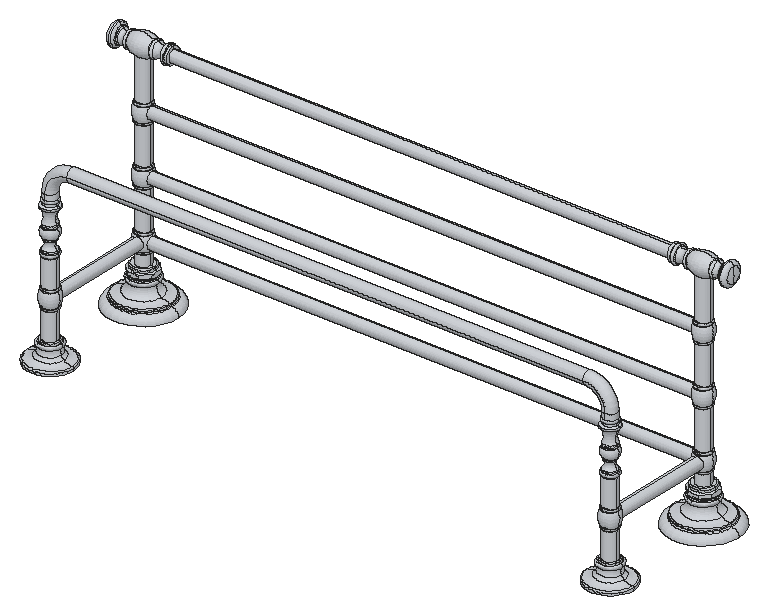
Revit family "Accessory-Towel_Bar-KOHLER-Artifacts-K-72575_1", category Specialty Equipment, host Face, Revit 2015 (continued)
Definition of nested family "K-72575"
  Lines and regions (in)
    Masking region 2
      outline origin (12, 0, 0) x (0, 1, 0) y (0, 0, 1)
        loop
          line (-4.68884, 4.25194) -> (-4.68884, 4.30094)
          arc (-4.68884, 4.30094) -> (-4.69336, 4.3204) -> (-4.706, 4.33588) r 0.04415
          arc (-4.706, 4.33588) -> (-4.80904, 4.51989) -> (-4.7477, 4.72167) r 0.26901
          arc (-4.7477, 4.72167) -> (-4.73738, 4.74133) -> (-4.73617, 4.76349) r 0.05217
          arc (-4.73617, 4.76349) -> (-4.73412, 4.7906) -> (-4.72001, 4.81383) r 0.05832
          arc (-4.72001, 4.81383) -> (-4.63579, 5.00254) -> (-4.69737, 5.1998) r 0.2924
          arc (-4.69737, 5.1998) -> (-4.70579, 5.21541) -> (-4.70856, 5.23294) r 0.05277
          line (-4.70856, 5.23294) -> (-4.70856, 5.26718)
          arc (-4.70856, 5.26718) -> (-4.71201, 5.30076) -> (-4.72222, 5.33294) r 0.16519
          arc (-4.72222, 5.33294) -> (-4.76325, 5.66691) -> (-4.61624, 5.96959) r 0.59394
          arc (-4.61624, 5.96959) -> (-4.60522, 5.99426) -> (-4.61107, 6.02064) r 0.04305
          arc (-4.61107, 6.02064) -> (-4.65403, 6.06417) -> (-4.71227, 6.08281) r 0.12805
          line (-4.71227, 6.08281) -> (-4.71227, 6.20198)
          arc (-4.71227, 6.20198) -> (-4.67663, 6.25755) -> (-4.72426, 6.30326) r 0.05198
          line (-4.72426, 6.30326) -> (-4.72426, 7.5)
          arc (-4.72426, 7.5) -> (-4.99985, 7.77559) -> (-5.27544, 7.5) r 0.27559
          line (-5.27544, 7.5) -> (-5.27544, 6.30326)
          arc (-5.27544, 6.30326) -> (-5.32307, 6.25755) -> (-5.28743, 6.20198) r 0.05198
          line (-5.28743, 6.20198) -> (-5.28743, 6.08281)
          arc (-5.28743, 6.08281) -> (-5.34567, 6.06417) -> (-5.38863, 6.02064) r 0.12805
          arc (-5.38863, 6.02064) -> (-5.39448, 5.99426) -> (-5.38346, 5.96959) r 0.04305
          arc (-5.38346, 5.96959) -> (-5.23645, 5.66691) -> (-5.27748, 5.33294) r 0.59394
          arc (-5.27748, 5.33294) -> (-5.28769, 5.30076) -> (-5.29114, 5.26718) r 0.16519
          line (-5.29114, 5.26718) -> (-5.29114, 5.23294)
          arc (-5.29114, 5.23294) -> (-5.29391, 5.21541) -> (-5.30233, 5.1998) r 0.05277
          arc (-5.30233, 5.1998) -> (-5.36391, 5.00254) -> (-5.27969, 4.81383) r 0.2924
          arc (-5.27969, 4.81383) -> (-5.26558, 4.7906) -> (-5.26353, 4.76349) r 0.05832
          arc (-5.26353, 4.76349) -> (-5.26232, 4.74133) -> (-5.252, 4.72167) r 0.05217
          arc (-5.252, 4.72167) -> (-5.19066, 4.51989) -> (-5.2937, 4.33588) r 0.26901
          arc (-5.2937, 4.33588) -> (-5.30634, 4.3204) -> (-5.31086, 4.30094) r 0.04415
          line (-5.31086, 4.30094) -> (-5.31086, 4.25194)
          arc (-5.31086, 4.25194) -> (-5.3498, 4.19985) -> (-5.3248, 4.13981) r 0.06566
          arc (-5.3248, 4.13981) -> (-5.30869, 4.12007) -> (-5.30293, 4.09525) r 0.05632
          line (-5.30293, 4.09525) -> (-5.30293, 2.92564)
          arc (-5.30293, 2.92564) -> (-5.30832, 2.90726) -> (-5.32277, 2.8947) r 0.03404
          arc (-5.32277, 2.8947) -> (-5.34423, 2.8692) -> (-5.33817, 2.83644) r 0.03902
          arc (-5.33817, 2.83644) -> (-5.33284, 2.82195) -> (-5.33573, 2.80679) r 0.02886
          arc (-5.33573, 2.80679) -> (-5.40739, 2.49983) -> (-5.33552, 2.19292) r 0.69225
          arc (-5.33552, 2.19292) -> (-5.33269, 2.17801) -> (-5.33801, 2.16379) r 0.02819
          arc (-5.33801, 2.16379) -> (-5.34451, 2.13195) -> (-5.32465, 2.10623) r 0.03902
          arc (-5.32465, 2.10623) -> (-5.30601, 2.08866) -> (-5.29914, 2.06399) r 0.04771
          line (-5.29914, 2.06399) -> (-5.29914, 0.90938) -> (-5.36318, 0.90938)
          arc (-5.36318, 0.90938) -> (-5.38465, 0.90108) -> (-5.39362, 0.87988) r 0.02951
          line (-5.39362, 0.87988) -> (-5.39362, 0.81095) -> (-5.45688, 0.81095)
          arc (-5.45688, 0.81095) -> (-5.51738, 0.75045) -> (-5.45688, 0.68995) r 0.0605
          arc (-5.45688, 0.68995) -> (-5.44065, 0.55208) -> (-5.46833, 0.41606) r 0.43848
          arc (-5.46833, 0.41606) -> (-5.51627, 0.32848) -> (-5.58671, 0.25773) r 0.35481
          arc (-5.58671, 0.25773) -> (-5.75886, 0.16792) -> (-5.95085, 0.13895) r 0.58905
          arc (-5.95085, 0.13895) -> (-5.98545, 0.1251) -> (-5.99985, 0.09072) r 0.04823
          line (-5.99985, 0.09072) -> (-5.99985, 0) -> (-4.99985, 0) -> (-3.99985, 0) -> (-3.99985, 0.09072)
          arc (-3.99985, 0.09072) -> (-4.01425, 0.1251) -> (-4.04885, 0.13895) r 0.04823
          arc (-4.04885, 0.13895) -> (-4.24084, 0.16792) -> (-4.41299, 0.25773) r 0.58905
          arc (-4.41299, 0.25773) -> (-4.48343, 0.32848) -> (-4.53137, 0.41606) r 0.35481
          arc (-4.53137, 0.41606) -> (-4.55905, 0.55208) -> (-4.54282, 0.68995) r 0.43848
          arc (-4.54282, 0.68995) -> (-4.48232, 0.75045) -> (-4.54282, 0.81095) r 0.0605
          line (-4.54282, 0.81095) -> (-4.60608, 0.81095) -> (-4.60608, 0.87988)
          arc (-4.60608, 0.87988) -> (-4.61505, 0.90108) -> (-4.63652, 0.90938) r 0.02951
          line (-4.63652, 0.90938) -> (-4.70056, 0.90938) -> (-4.70056, 2.06399)
          arc (-4.70056, 2.06399) -> (-4.69369, 2.08866) -> (-4.67505, 2.10623) r 0.04771
          arc (-4.67505, 2.10623) -> (-4.65519, 2.13195) -> (-4.66169, 2.16379) r 0.03902
          arc (-4.66169, 2.16379) -> (-4.66701, 2.17801) -> (-4.66418, 2.19292) r 0.02819
          line (-4.66418, 2.19292) -> (-4.63906, 2.25) -> (-0.36349, 2.25) -> (-0.33426, 2.19275)
          arc (-0.33426, 2.19275) -> (-0.33162, 2.1769) -> (-0.33859, 2.16242) r 0.0266
          arc (-0.33859, 2.16242) -> (-0.34685, 2.13045) -> (-0.32428, 2.10635) r 0.03427
          arc (-0.32428, 2.10635) -> (-0.3076, 2.09419) -> (-0.30123, 2.07456) r 0.03344
          line (-0.30123, 2.07456) -> (-0.30123, 1.61016) -> (-0.4611, 1.61016)
          arc (-0.4611, 1.61016) -> (-0.48854, 1.5988) -> (-0.49991, 1.57135) r 0.03881
          line (-0.49991, 1.57135) -> (-0.49991, 1.48615) -> (-0.5625, 1.45001) -> (-0.5625, 1.26992) -> (-0.52872, 1.24962)
          arc (-0.52872, 1.24962) -> (-0.516, 1.23098) -> (-0.51152, 1.20886) r 0.05691
          line (-0.51152, 1.20886) -> (-0.51152, 1.16451)
          arc (-0.51152, 1.16451) -> (-0.52006, 1.1439) -> (-0.54067, 1.13536) r 0.02915
          line (-0.54067, 1.13536) -> (-0.60398, 1.13536)
          arc (-0.60398, 1.13536) -> (-0.64871, 1.07439) -> (-0.60382, 1.01353) r 0.06381
          arc (-0.60382, 1.01353) -> (-0.59075, 1.00567) -> (-0.5828, 0.99266) r 0.03202
          arc (-0.5828, 0.99266) -> (-0.59478, 0.7331) -> (-0.77276, 0.54379) r 0.37454
          arc (-0.77276, 0.54379) -> (-0.95616, 0.47424) -> (-1.1497, 0.4423) r 0.98757
          arc (-1.1497, 0.4423) -> (-1.17044, 0.43251) -> (-1.17888, 0.41118) r 0.03118
          line (-1.17888, 0.41118) -> (-1.17888, 0.35427)
          arc (-1.17888, 0.35427) -> (-1.18869, 0.3289) -> (-1.21301, 0.31674) r 0.0377
          arc (-1.21301, 0.31674) -> (-1.41791, 0.214) -> (-1.5, 0) r 0.31703
          line (-1.5, 0) -> (0, 0) -> (1.5, 0)
          arc (1.5, 0) -> (1.41791, 0.214) -> (1.21301, 0.31674) r 0.31703
    Masking region 3
      outline origin (0, 0, 0) x (1, 0, 0) y (0, 1, 0)
        loop
          arc (-12.25, -4.03145) -> (-12.71653, -5.69762) -> (-11.03857, -5.27544) r 1.00015
          line (-11.03857, -5.27544) -> (11.03857, -5.27544)
          arc (11.03857, -5.27544) -> (12.71653, -5.69762) -> (12.25, -4.03145) r 1.00015
          line (12.25, -4.03145) -> (12.25, -1.47902)
          arc (12.25, -1.47902) -> (13.06075, 1.06057) -> (10.52102, 0.25026) r 1.5
          line (10.52102, 0.25026) -> (-10.52102, 0.25026)
          arc (-10.52102, 0.25026) -> (-13.06075, 1.06057) -> (-12.25, -1.47902) r 1.5
          line (-12.25, -1.47902) -> (-12.25, -4.03145)
        loop
          arc (-11.75, -4.03145) -> (-11.30223, -4.28332) -> (-11.03857, -4.72426) r 1.00015
          line (-11.03857, -4.72426) -> (11.03857, -4.72426)
          arc (11.03857, -4.72426) -> (11.30223, -4.28332) -> (11.75, -4.03145) r 1.00015
          line (11.75, -4.03145) -> (11.75, -1.47902)
          arc (11.75, -1.47902) -> (10.93943, -1.06075) -> (10.52102, -0.25026) r 1.5
          line (10.52102, -0.25026) -> (-10.52102, -0.25026)
          arc (-10.52102, -0.25026) -> (-10.93943, -1.06075) -> (-11.75, -1.47902) r 1.5
          line (-11.75, -1.47902) -> (-11.75, -4.03145)
    symbolic lines, detail levels medium+fine
      curve 1: line (-11.69947, -4.99985, 9.58966) -> (-12.30053, -4.99985, 9.58966)
      curve 2: line (-12.94249, -4.99985, 9.66155) -> (-12.94249, -4.99985, 10.33845)
      curve 3: line (-11.62532, -4.99985, 7.25) -> (-11.66259, -4.99985, 7.75)
      curve 4: line (-11.64031, -4.99985, 4.75) -> (-11.64064, -4.99985, 5.25)
      curve 5: line (-11.63979, -4.99985, 2.25) -> (-11.63997, -4.99985, 2.75)
      curve 6: line (-12.30123, -4.99985, 1.61016) -> (-11.69877, -4.99985, 1.61016)
      curve 7: line (-11.50009, -4.99985, 1.48615) -> (-12.49991, -4.99985, 1.48615)
      curve 8: line (-12.233, -4.99985, 1.29777) -> (-12.233, -4.99985, 1.42325)
      curve 9: spline (-12.233, -4.99985, 1.42325) -> (-12.26009, -4.99985, 1.4314) -> (-12.28738, -4.99985, 1.43809) -> (-12.31483, -4.99985, 1.4433) -> (-12.3424, -4.99985, 1.44702) -> (-12.37005, -4.99985, 1.44926) -> (-12.39775, -4.99985, 1.45001) -> (-12.42544, -4.99985, 1.44926) -> (-12.45309, -4.99985, 1.44702) -> (-12.48067, -4.99985, 1.4433) -> (-12.50812, -4.99985, 1.43809) -> (-12.53541, -4.99985, 1.4314) -> (-12.5625, -4.99985, 1.42325)
      curve 10: spline (-12.5625, -4.99985, 1.29777) -> (-12.53544, -4.99985, 1.28928) -> (-12.50816, -4.99985, 1.28233) -> (-12.48071, -4.99985, 1.2769) -> (-12.45313, -4.99985, 1.27303) -> (-12.42546, -4.99985, 1.27069) -> (-12.39775, -4.99985, 1.26992) -> (-12.37004, -4.99985, 1.27069) -> (-12.34237, -4.99985, 1.27303) -> (-12.31479, -4.99985, 1.2769) -> (-12.28733, -4.99985, 1.28233) -> (-12.26006, -4.99985, 1.28928) -> (-12.233, -4.99985, 1.29777)
      curve 11: line (-11.767, -4.99985, 1.42325) -> (-11.767, -4.99985, 1.29777)
      curve 12: spline (-11.767, -4.99985, 1.29777) -> (-11.73994, -4.99985, 1.28928) -> (-11.71267, -4.99985, 1.28233) -> (-11.68521, -4.99985, 1.2769) -> (-11.65763, -4.99985, 1.27303) -> (-11.62996, -4.99985, 1.27069) -> (-11.60225, -4.99985, 1.26992) -> (-11.57454, -4.99985, 1.27069) -> (-11.54687, -4.99985, 1.27303) -> (-11.51929, -4.99985, 1.2769) -> (-11.49184, -4.99985, 1.28233) -> (-11.46456, -4.99985, 1.28928) -> (-11.4375, -4.99985, 1.29777)
      curve 13: spline (-11.4375, -4.99985, 1.42325) -> (-11.46459, -4.99985, 1.4314) -> (-11.49188, -4.99985, 1.43809) -> (-11.51933, -4.99985, 1.4433) -> (-11.54691, -4.99985, 1.44702) -> (-11.57456, -4.99985, 1.44926) -> (-11.60225, -4.99985, 1.45001) -> (-11.62995, -4.99985, 1.44926) -> (-11.6576, -4.99985, 1.44702) -> (-11.68517, -4.99985, 1.4433) -> (-11.71262, -4.99985, 1.43809) -> (-11.73991, -4.99985, 1.4314) -> (-11.767, -4.99985, 1.42325)
      curve 14: arc (-12.233, -4.99985, 1.42325) -> (-12, -4.99985, 1.45001) -> (-11.767, -4.99985, 1.42325) r 1.0278
      curve 15: arc (-11.767, -4.99985, 1.29777) -> (-12, -4.99985, 1.26992) -> (-12.233, -4.99985, 1.29777) r 0.98865
      curve 16: line (-11.44892, -4.99985, 1.26306) -> (-12.55108, -4.99985, 1.26306)
      curve 17: line (-12.54067, -4.99985, 1.13536) -> (-11.45933, -4.99985, 1.13536)
      curve 18: line (-11.70083, -4.99985, 6.61221) -> (-11.70083, -4.99985, 7.02768)
      curve 19: arc (-11.70083, -4.99985, 7.02768) -> (-11.69414, -4.99985, 7.04826) -> (-11.67662, -4.99985, 7.06097) r 0.035
      curve 20: arc (-11.67662, -4.99985, 7.06097) -> (-11.65455, -4.99985, 7.08458) -> (-11.66287, -4.99985, 7.1158) r 0.03334
      curve 21: arc (-11.66287, -4.99985, 7.1158) -> (-11.67041, -4.99985, 7.1325) -> (-11.66571, -4.99985, 7.15021) r 0.02733
      curve 22: arc (-11.66571, -4.99985, 7.15021) -> (-11.64009, -4.99985, 7.19791) -> (-11.62532, -4.99985, 7.25) r 0.25037
      curve 23: line (-11.62532, -4.99985, 7.25) -> (11.62532, -4.99985, 7.25)
      curve 24: line (-11.3036, -4.99985, 7.75) -> (11.3036, -4.99985, 7.75)
      curve 25: line (-10.78699, 0, 0.31674) -> (-13.21301, 0, 0.31674)
      curve 26: line (-13.1497, 0, 0.4423) -> (-10.8503, 0, 0.4423)
      curve 27: line (-11.67572, 0, 2.10635) -> (-12.32428, 0, 2.10635)
      curve 28: line (-11.66574, 0, 2.19275) -> (-12.33426, 0, 2.19275)
      curve 29: line (-11.66403, 0, 2.80345) -> (-12.33597, 0, 2.80345)
      curve 30: line (-11.67646, 0, 2.89363) -> (-12.32354, 0, 2.89363)
      curve 31: line (-11.6988, 0, 4.32806) -> (-11.69674, 0, 4.09483)
      curve 32: line (-12.3012, 0, 4.32806) -> (-12.30326, 0, 4.09483)
      curve 33: line (-11.67593, 0, 4.60632) -> (-12.32407, 0, 4.60632)
      curve 34: line (-11.66624, 0, 4.69276) -> (-12.33376, 0, 4.69276)
      curve 35: line (-11.66465, 0, 5.3033) -> (-12.33535, 0, 5.3033)
      curve 36: line (-12.32163, 0, 5.39211) -> (-11.67837, 0, 5.39211)
      curve 37: line (-11.70083, 0, 5.8498) -> (-11.70083, 0, 6.0822)
      curve 38: line (-12.29917, 0, 6.0822) -> (-12.29917, 0, 5.8498)
      curve 39: line (-11.39618, 0, 1.01353) -> (-12.60382, 0, 1.01353)
      curve 40: line (-11.67968, 0, 7.8477) -> (-12.32032, 0, 7.8477)
      curve 41: line (-11.66303, 0, 7.78629) -> (-12.33697, 0, 7.78629)
      curve 42: line (-11.67662, 0, 7.06097) -> (-12.32492, 0, 7.06097)
      curve 43: line (-11.66287, 0, 7.1158) -> (-12.33674, 0, 7.1158)
      curve 44: line (-11.70083, 0, 6.20744) -> (-11.70083, 0, 6.29576)
      curve 45: line (-12.29917, 0, 6.20744) -> (-12.29917, 0, 6.29576)
      curve 46: line (-12.96716, 0, 10.35774) -> (-12.96716, 0, 9.64226)
      curve 47: line (-12.88083, 0, 10.32267) -> (-12.88083, 0, 9.67733)
      curve 48: line (-12.62193, 0, 10.31743) -> (-12.62193, 0, 9.68257)
      curve 49: line (-12.50769, 0, 10.33352) -> (-12.50769, 0, 9.66648)
      curve 50: line (-11.48655, 0, 10.33856) -> (-11.48655, 0, 9.66144)
      curve 51: line (-11.5333, 0, 10.33518) -> (-11.5333, 0, 9.66482)
      curve 52: line (-12.47603, 0, 10.32974) -> (-12.47603, 0, 9.67026)
      curve 53: line (-10.99526, 0, 10.34401) -> (-10.99526, 0, 9.65599)
      curve 54: line (-10.88577, 0, 10.36641) -> (-10.88577, 0, 9.63359)
      curve 55: line (-10.85359, 0, 10.35061) -> (-10.85359, 0, 9.64939)
      curve 56: line (-11.38819, 0, 10.33112) -> (-11.38819, 0, 9.66888)
      curve 57: line (-10.73031, 0, 10.25026) -> (-10.73031, 0, 9.74974)
      curve 58: line (11.69947, -4.99985, 9.58966) -> (12.30053, -4.99985, 9.58966)
      curve 59: line (12.94249, -4.99985, 9.66155) -> (12.94249, -4.99985, 10.33845)
      curve 60: line (11.62532, -4.99985, 7.25) -> (11.66259, -4.99985, 7.75)
      curve 61: line (11.64031, -4.99985, 4.75) -> (11.64064, -4.99985, 5.25)
      curve 62: line (11.63979, -4.99985, 2.25) -> (11.63997, -4.99985, 2.75)
      curve 63: line (12.30123, -4.99985, 1.61016) -> (11.69877, -4.99985, 1.61016)
      curve 64: line (11.50009, -4.99985, 1.48615) -> (12.49991, -4.99985, 1.48615)
      curve 65: line (12.233, -4.99985, 1.29777) -> (12.233, -4.99985, 1.42325)
      curve 66: spline (12.233, -4.99985, 1.42325) -> (12.26009, -4.99985, 1.4314) -> (12.28738, -4.99985, 1.43809) -> (12.31483, -4.99985, 1.4433) -> (12.3424, -4.99985, 1.44702) -> (12.37005, -4.99985, 1.44926) -> (12.39775, -4.99985, 1.45001) -> (12.42544, -4.99985, 1.44926) -> (12.45309, -4.99985, 1.44702) -> (12.48067, -4.99985, 1.4433) -> (12.50812, -4.99985, 1.43809) -> (12.53541, -4.99985, 1.4314) -> (12.5625, -4.99985, 1.42325)
      curve 67: spline (12.5625, -4.99985, 1.29777) -> (12.53544, -4.99985, 1.28928) -> (12.50816, -4.99985, 1.28233) -> (12.48071, -4.99985, 1.2769) -> (12.45313, -4.99985, 1.27303) -> (12.42546, -4.99985, 1.27069) -> (12.39775, -4.99985, 1.26992) -> (12.37004, -4.99985, 1.27069) -> (12.34237, -4.99985, 1.27303) -> (12.31479, -4.99985, 1.2769) -> (12.28733, -4.99985, 1.28233) -> (12.26006, -4.99985, 1.28928) -> (12.233, -4.99985, 1.29777)
      curve 68: line (11.767, -4.99985, 1.42325) -> (11.767, -4.99985, 1.29777)
      curve 69: spline (11.767, -4.99985, 1.29777) -> (11.73994, -4.99985, 1.28928) -> (11.71267, -4.99985, 1.28233) -> (11.68521, -4.99985, 1.2769) -> (11.65763, -4.99985, 1.27303) -> (11.62996, -4.99985, 1.27069) -> (11.60225, -4.99985, 1.26992) -> (11.57454, -4.99985, 1.27069) -> (11.54687, -4.99985, 1.27303) -> (11.51929, -4.99985, 1.2769) -> (11.49184, -4.99985, 1.28233) -> (11.46456, -4.99985, 1.28928) -> (11.4375, -4.99985, 1.29777)
      curve 70: spline (11.4375, -4.99985, 1.42325) -> (11.46459, -4.99985, 1.4314) -> (11.49188, -4.99985, 1.43809) -> (11.51933, -4.99985, 1.4433) -> (11.54691, -4.99985, 1.44702) -> (11.57456, -4.99985, 1.44926) -> (11.60225, -4.99985, 1.45001) -> (11.62995, -4.99985, 1.44926) -> (11.6576, -4.99985, 1.44702) -> (11.68517, -4.99985, 1.4433) -> (11.71262, -4.99985, 1.43809) -> (11.73991, -4.99985, 1.4314) -> (11.767, -4.99985, 1.42325)
      curve 71: arc (12.233, -4.99985, 1.42325) -> (12, -4.99985, 1.45001) -> (11.767, -4.99985, 1.42325) r 1.0278
      curve 72: arc (11.767, -4.99985, 1.29777) -> (12, -4.99985, 1.26992) -> (12.233, -4.99985, 1.29777) r 0.98865
      curve 73: line (11.44892, -4.99985, 1.26306) -> (12.55108, -4.99985, 1.26306)
      curve 74: line (12.54067, -4.99985, 1.13536) -> (11.45933, -4.99985, 1.13536)
      curve 75: line (11.70083, -4.99985, 6.61221) -> (11.70083, -4.99985, 7.02768)
      curve 76: arc (11.70083, -4.99985, 7.02768) -> (11.69414, -4.99985, 7.04826) -> (11.67662, -4.99985, 7.06097) r 0.035
      curve 77: arc (11.67662, -4.99985, 7.06097) -> (11.65455, -4.99985, 7.08458) -> (11.66287, -4.99985, 7.1158) r 0.03334
      curve 78: arc (11.66287, -4.99985, 7.1158) -> (11.67041, -4.99985, 7.1325) -> (11.66571, -4.99985, 7.15021) r 0.02733
      curve 79: arc (11.66571, -4.99985, 7.15021) -> (11.64009, -4.99985, 7.19791) -> (11.62532, -4.99985, 7.25) r 0.25037
      curve 80: line (10.78699, 0, 0.31674) -> (13.21301, 0, 0.31674)
      curve 81: line (13.1497, 0, 0.4423) -> (10.8503, 0, 0.4423)
      curve 82: line (11.67572, 0, 2.10635) -> (12.32428, 0, 2.10635)
      curve 83: line (11.66574, 0, 2.19275) -> (12.33426, 0, 2.19275)
      curve 84: line (11.66403, 0, 2.80345) -> (12.33597, 0, 2.80345)
      curve 85: line (11.67646, 0, 2.89363) -> (12.32354, 0, 2.89363)
      curve 86: line (11.6988, 0, 4.32806) -> (11.69674, 0, 4.09483)
      curve 87: line (12.3012, 0, 4.32806) -> (12.30326, 0, 4.09483)
      curve 88: line (11.67593, 0, 4.60632) -> (12.32407, 0, 4.60632)
      curve 89: line (11.66624, 0, 4.69276) -> (12.33376, 0, 4.69276)
      curve 90: line (11.66465, 0, 5.3033) -> (12.33535, 0, 5.3033)
      curve 91: line (12.32163, 0, 5.39211) -> (11.67837, 0, 5.39211)
      curve 92: line (11.70083, 0, 5.8498) -> (11.70083, 0, 6.0822)
      curve 93: line (12.29917, 0, 6.0822) -> (12.29917, 0, 5.8498)
      curve 94: line (11.39618, 0, 1.01353) -> (12.60382, 0, 1.01353)
      curve 95: line (11.67968, 0, 7.8477) -> (12.32032, 0, 7.8477)
      curve 96: line (11.66303, 0, 7.78629) -> (12.33697, 0, 7.78629)
      curve 97: line (11.67662, 0, 7.06097) -> (12.32492, 0, 7.06097)
      curve 98: line (11.66287, 0, 7.1158) -> (12.33674, 0, 7.1158)
      curve 99: line (11.70083, 0, 6.20744) -> (11.70083, 0, 6.29576)
      curve 100: line (12.29917, 0, 6.20744) -> (12.29917, 0, 6.29576)
      curve 101: line (12.96716, 0, 10.35774) -> (12.96716, 0, 9.64226)
      curve 102: line (12.88083, 0, 10.32267) -> (12.88083, 0, 9.67733)
      curve 103: line (12.62193, 0, 10.31743) -> (12.62193, 0, 9.68257)
      curve 104: line (12.50769, 0, 10.33352) -> (12.50769, 0, 9.66648)
      curve 105: line (11.48655, 0, 10.33856) -> (11.48655, 0, 9.66144)
      curve 106: line (11.5333, 0, 10.33518) -> (11.5333, 0, 9.66482)
      curve 107: line (12.47603, 0, 10.32974) -> (12.47603, 0, 9.67026)
      curve 108: line (10.99526, 0, 10.34401) -> (10.99526, 0, 9.65599)
      curve 109: line (10.88577, 0, 10.36641) -> (10.88577, 0, 9.63359)
      curve 110: line (10.85359, 0, 10.35061) -> (10.85359, 0, 9.64939)
      curve 111: line (11.38819, 0, 10.33112) -> (11.38819, 0, 9.66888)
      curve 112: line (10.73031, 0, 10.25026) -> (10.73031, 0, 9.74974)
      curve 113: arc (12, -0.30053, 9.62102) -> (12, 0, 9.51632) -> (12, 0.30053, 9.62102) r 0.48368
      curve 114: line (12, 0.32032, 7.8477) -> (12, -0.32032, 7.8477)
      curve 115: line (12, 0.33697, 7.78629) -> (12, -0.33697, 7.78629)
      curve 116: line (12, 0.33652, 7.11604) -> (12, -0.33652, 7.11604)
      curve 117: line (12, 0.32222, 7.05996) -> (12, -0.32222, 7.05996)
      curve 118: line (12, 0.32163, 5.39211) -> (12, -0.32163, 5.39211)
      curve 119: line (12, -0.33803, 5.33247) -> (12, 0.33803, 5.33247)
      curve 120: line (12, 0.33822, 4.6623) -> (12, -0.33822, 4.6623)
      curve 121: line (12, 0.32407, 4.60632) -> (12, -0.32407, 4.60632)
      curve 122: line (12, 0.32353, 2.89363) -> (12, -0.32353, 2.89363)
      curve 123: line (12, 0.33903, 2.83268) -> (12, -0.33903, 2.83268)
      curve 124: line (12, 0.33859, 2.16242) -> (12, -0.33859, 2.16242)
      curve 125: line (12, 0.32428, 2.10635) -> (12, -0.32428, 2.10635)
      curve 126: line (12, 0.30123, 1.61016) -> (12, -0.30123, 1.61016)
      curve 127: line (12, 0.49991, 1.57135) -> (12, -0.49991, 1.57135)
      curve 128: spline (12, 0.233, 1.42325) -> (12, 0.26009, 1.4314) -> (12, 0.28738, 1.43809) -> (12, 0.31483, 1.4433) -> (12, 0.3424, 1.44702) -> (12, 0.37005, 1.44926) -> (12, 0.39775, 1.45001) -> (12, 0.42544, 1.44926) -> (12, 0.45309, 1.44702) -> (12, 0.48067, 1.4433) -> (12, 0.50812, 1.43809) -> (12, 0.53541, 1.4314) -> (12, 0.5625, 1.42325)
      curve 129: spline (12, 0.5625, 1.29777) -> (12, 0.53544, 1.28928) -> (12, 0.50816, 1.28233) -> (12, 0.48071, 1.2769) -> (12, 0.45313, 1.27303) -> (12, 0.42546, 1.27069) -> (12, 0.39775, 1.26992) -> (12, 0.37004, 1.27069) -> (12, 0.34237, 1.27303) -> (12, 0.31479, 1.2769) -> (12, 0.28733, 1.28233) -> (12, 0.26006, 1.28928) -> (12, 0.233, 1.29777)
      curve 130: line (12, 0.233, 1.29777) -> (12, 0.233, 1.42325)
      curve 131: line (12, 0, 1.48615) -> (12, 0, 1.45001)
      curve 132: arc (12, 0, 1.45001) -> (12, -0.11723, 1.44303) -> (12, -0.233, 1.42325) r 1.07036
      curve 133: spline (12, -0.233, 1.42325) -> (12, -0.26009, 1.4314) -> (12, -0.28738, 1.43809) -> (12, -0.31483, 1.4433) -> (12, -0.3424, 1.44702) -> (12, -0.37005, 1.44926) -> (12, -0.39775, 1.45001) -> (12, -0.42544, 1.44926) -> (12, -0.45309, 1.44702) -> (12, -0.48067, 1.4433) -> (12, -0.50812, 1.43809) -> (12, -0.53541, 1.4314) -> (12, -0.5625, 1.42325)
      curve 134: spline (12, -0.5625, 1.29777) -> (12, -0.53544, 1.28929) -> (12, -0.50816, 1.28233) -> (12, -0.48071, 1.27691) -> (12, -0.45313, 1.27303) -> (12, -0.42546, 1.2707) -> (12, -0.39775, 1.26992) -> (12, -0.37004, 1.2707) -> (12, -0.34237, 1.27303) -> (12, -0.31479, 1.27691) -> (12, -0.28733, 1.28233) -> (12, -0.26006, 1.28929) -> (12, -0.233, 1.29777)
      curve 135: arc (12, -0.233, 1.29777) -> (12, -0.11723, 1.27718) -> (12, 0.00013, 1.26992) r 1.03043
      curve 136: arc (12, 0.233, 1.42325) -> (12, 0.11723, 1.44303) -> (12, 0, 1.45001) r 1.07036
      curve 137: arc (12, 0.00013, 1.26992) -> (12, 0.11736, 1.27719) -> (12, 0.233, 1.29777) r 1.03043
      curve 138: line (12, -0.233, 1.42325) -> (12, -0.233, 1.29777)
      curve 139: line (12, 0.49991, 1.48615) -> (12, -0.49991, 1.48615)
      curve 140: line (12, 0.5625, 1.26992) -> (12, -0.5625, 1.26992)
      curve 141: line (12, 0.54067, 1.13536) -> (12, -0.54067, 1.13536)
      curve 142: line (12, 0.60382, 1.01353) -> (12, -0.60382, 1.01353)
      curve 143: line (12, 1.1497, 0.4423) -> (12, -1.1497, 0.4423)
      curve 144: line (12, 1.21301, 0.31674) -> (12, -1.21301, 0.31674)
      curve 145: line (12, -4.04885, 0.13895) -> (12, -5.95085, 0.13895)
      curve 146: line (12, -4.54282, 0.68995) -> (12, -5.45688, 0.68995)
      curve 147: line (12, -4.60608, 0.81095) -> (12, -5.39362, 0.81095)
      curve 148: line (12, -4.70056, 0.90938) -> (12, -5.29914, 0.90938)
      curve 149: line (12, -4.67505, 2.10623) -> (12, -5.32465, 2.10623)
      curve 150: line (12, -4.66169, 2.16379) -> (12, -5.33801, 2.16379)
      curve 151: line (12, -4.66152, 2.83644) -> (12, -5.33817, 2.83644)
      curve 152: line (12, -4.67693, 2.8947) -> (12, -5.32277, 2.8947)
      curve 153: line (12, -4.6749, 4.13981) -> (12, -5.3248, 4.13981)
      curve 154: line (12, -4.706, 4.33588) -> (12, -5.2937, 4.33588)
      curve 155: line (12, -4.7477, 4.72167) -> (12, -5.252, 4.72167)
      curve 156: line (12, -4.72001, 4.81383) -> (12, -5.27969, 4.81383)
      curve 157: line (12, -4.69737, 5.1998) -> (12, -5.30233, 5.1998)
      curve 158: line (12, -4.61624, 5.96959) -> (12, -5.38346, 5.96959)
      curve 159: line (12, -4.71227, 6.08281) -> (12, -5.28743, 6.08281)
      curve 160: line (12, -4.71227, 6.20198) -> (12, -5.28743, 6.20198)
      curve 161: line (12, -4.72426, 6.30326) -> (12, -5.27544, 6.30326)
      curve 162: line (12, -0.36021, 2.25) -> (12, -0.36003, 2.75)
      curve 163: line (12, -4.63906, 2.25) -> (12, -4.639, 2.75)
      curve 164: line (-12.25, -1.47902, 0) -> (-12.25, -0.42591, 0)
      curve 165: arc (-13.27907, 0.33799, 0) -> (-13.30332, 0.16976, 0) -> (-13.31142, 0, 0) r 1.78199
      curve 166: arc (-13.10291, 0.48412, 0) -> (-13.21715, 0.44258, 0) -> (-13.27907, 0.33799, 0) r 0.18035
      curve 167: arc (-13.0498, 0.46674, 0) -> (-13.07495, 0.47973, 0) -> (-13.10291, 0.48412, 0) r 0.08844
      curve 168: arc (-12.96716, 0.35774, 0) -> (-13.00068, 0.41815, 0) -> (-13.0498, 0.46674, 0) r 0.24387
      curve 169: arc (-12.94249, 0.33845, 0) -> (-12.95751, 0.34466, 0) -> (-12.96716, 0.35774, 0) r 0.03032
      curve 170: line (-12.94249, 0.33845, 0) -> (-12.9068, 0.33845, 0)
      curve 171: arc (-12.9068, 0.33845, 0) -> (-12.89161, 0.3342, 0) -> (-12.88083, 0.32267, 0) r 0.02927
      curve 172: arc (-12.88083, 0.32267, 0) -> (-12.75293, 0.2432, 0) -> (-12.62193, 0.31743, 0) r 0.14748
      curve 173: arc (-12.62193, 0.31743, 0) -> (-12.56875, 0.35347, 0) -> (-12.50769, 0.33352, 0) r 0.07298
      curve 174: arc (-11.38819, 0.33112, 0) -> (-11.43592, 0.35397, 0) -> (-11.48655, 0.33856, 0) r 0.07298
      curve 175: arc (-12.47603, 0.32974, 0) -> (-12.0054, 0.45992, 0) -> (-11.5333, 0.33518, 0) r 0.93535
      curve 176: arc (-12.50769, 0.33352, 0) -> (-12.4925, 0.32627, 0) -> (-12.47603, 0.32974, 0) r 0.02625
      curve 177: arc (-11.5333, 0.33518, 0) -> (-11.50941, 0.32971, 0) -> (-11.48655, 0.33856, 0) r 0.04185
      curve 178: arc (-11.38819, 0.33112, 0) -> (-11.20332, 0.24657, 0) -> (-11.01224, 0.31595, 0) r 0.26825
      curve 179: arc (-10.99526, 0.34401, 0) -> (-10.9475, 0.38933, 0) -> (-10.88577, 0.36641, 0) r 0.06225
      curve 180: line (-10.85359, 0.35061, 0) -> (-10.73031, 0.35061, 0)
      curve 181: line (-10.73031, 0.35061, 0) -> (-10.73031, 0, 0)
      curve 182: arc (-10.88577, 0.36641, 0) -> (-10.87151, 0.35478, 0) -> (-10.85359, 0.35061, 0) r 0.04068
      curve 183: arc (-11.01224, 0.31595, 0) -> (-11.0017, 0.32874, 0) -> (-10.99526, 0.34401, 0) r 0.05738
      curve 184: arc (-13.27907, -0.33799, 0) -> (-13.30332, -0.16976, 0) -> (-13.31142, 0, 0) r 1.78199
      curve 185: arc (-13.10291, -0.48412, 0) -> (-13.21715, -0.44258, 0) -> (-13.27907, -0.33799, 0) r 0.18035
      curve 186: arc (-13.0498, -0.46674, 0) -> (-13.07495, -0.47973, 0) -> (-13.10291, -0.48412, 0) r 0.08844
      curve 187: arc (-12.96716, -0.35774, 0) -> (-13.00068, -0.41815, 0) -> (-13.0498, -0.46674, 0) r 0.24387
      curve 188: arc (-12.94249, -0.33845, 0) -> (-12.95751, -0.34466, 0) -> (-12.96716, -0.35774, 0) r 0.03032
      curve 189: line (-12.94249, -0.33845, 0) -> (-12.9068, -0.33845, 0)
      curve 190: arc (-12.9068, -0.33845, 0) -> (-12.89161, -0.3342, 0) -> (-12.88083, -0.32267, 0) r 0.02927
      curve 191: arc (-12.88083, -0.32267, 0) -> (-12.75293, -0.2432, 0) -> (-12.62193, -0.31743, 0) r 0.14748
      curve 192: arc (-12.62193, -0.31743, 0) -> (-12.56875, -0.35347, 0) -> (-12.50769, -0.33352, 0) r 0.07298
      curve 193: arc (-11.38819, -0.33112, 0) -> (-11.43592, -0.35397, 0) -> (-11.48655, -0.33856, 0) r 0.07298
      curve 194: arc (-12.47603, -0.32974, 0) -> (-12.0054, -0.45992, 0) -> (-11.5333, -0.33518, 0) r 0.93535
      curve 195: arc (-12.50769, -0.33352, 0) -> (-12.4925, -0.32627, 0) -> (-12.47603, -0.32974, 0) r 0.02625
      curve 196: arc (-11.5333, -0.33518, 0) -> (-11.50941, -0.32971, 0) -> (-11.48655, -0.33856, 0) r 0.04185
      curve 197: arc (-11.38819, -0.33112, 0) -> (-11.20332, -0.24657, 0) -> (-11.01224, -0.31595, 0) r 0.26825
      curve 198: arc (-10.99526, -0.34401, 0) -> (-10.9475, -0.38933, 0) -> (-10.88577, -0.36641, 0) r 0.06225
      curve 199: line (-10.85359, -0.35061, 0) -> (-10.73031, -0.35061, 0)
      curve 200: line (-10.73031, -0.35061, 0) -> (-10.73031, 0, 0)
      curve 201: arc (-10.88577, -0.36641, 0) -> (-10.87151, -0.35478, 0) -> (-10.85359, -0.35061, 0) r 0.04068
      curve 202: arc (-11.01224, -0.31595, 0) -> (-11.0017, -0.32874, 0) -> (-10.99526, -0.34401, 0) r 0.05738
      curve 203: line (-10.73031, 0.25026, 0) -> (-10.52102, 0.25026, 0)
      curve 204: line (-10.52102, -0.25026, 0) -> (-10.73031, -0.25026, 0)
      curve 205: line (-12.96716, 0.35774, 0) -> (-12.96716, -0.35774, 0)
      curve 206: line (-12.88083, 0.32267, 0) -> (-12.88083, -0.32267, 0)
      curve 207: line (-12.62193, 0.31743, 0) -> (-12.62193, -0.31743, 0)
      curve 208: line (-12.50769, 0.33352, 0) -> (-12.50769, -0.33352, 0)
      curve 209: line (-12.47603, 0.32974, 0) -> (-12.47603, -0.32974, 0)
      curve 210: line (-11.5333, 0.33518, 0) -> (-11.5333, -0.33518, 0)
      curve 211: line (-11.48655, 0.33856, 0) -> (-11.48655, -0.33856, 0)
      curve 212: line (-11.38819, 0.33112, 0) -> (-11.38819, -0.33112, 0)
      curve 213: line (-10.99526, 0.34401, 0) -> (-10.99526, -0.34401, 0)
      curve 214: line (-10.88577, 0.36641, 0) -> (-10.88577, -0.36641, 0)
      curve 215: arc (-12.54438, 0.35279, 0) -> (-12, 0.64886, 0) -> (-11.45562, 0.35279, 0) r 0.6485
      curve 216: line (-12.233, 0.5625, 0) -> (-11.767, 0.5625, 0)
      curve 217: line (-12.45205, 0.34344, 0) -> (-12.233, 0.5625, 0)
      curve 218: line (-11.767, 0.5625, 0) -> (-11.54795, 0.34344, 0)
      curve 219: arc (-12.27176, 0.41959, 0) -> (-12, 0.49991, 0) -> (-11.72824, 0.41959, 0) r 0.49991
      curve 220: arc (-12.50503, 0.33126, 0) -> (-12.38977, 0.46138, 0) -> (-12.24221, 0.55328, 0) r 0.60398
      curve 221: arc (-12.21996, 0.5625, 0) -> (-12, 0.60398, 0) -> (-11.78004, 0.5625, 0) r 0.60398
      curve 222: arc (-11.75779, 0.55328, 0) -> (-11.611, 0.46203, 0) -> (-11.49607, 0.33293, 0) r 0.60398
      curve 223: arc (-12.544, -0.35271, 0) -> (-12.41522, -0.49636, 0) -> (-12.25, -0.59598, 0) r 0.65131
      curve 224: line (-12.25, -0.5455, 0) -> (-12.45205, -0.34344, 0)
      curve 225: line (-11.54795, -0.34344, 0) -> (-11.75, -0.5455, 0)
      curve 226: line (-11.75, -1.47902, 0) -> (-11.75, -0.42591, 0)
      curve 227: arc (-12.25, -0.54981, 0) -> (-12.39301, -0.45862, 0) -> (-12.50503, -0.33126, 0) r 0.60398
      curve 228: arc (-11.75, -0.54981, 0) -> (-11.60775, -0.45927, 0) -> (-11.49607, -0.33293, 0) r 0.60398
      curve 229: arc (-11.75, -1.15198, 0) -> (-11.2069, -0.8721, 0) -> (-10.87685, -0.35792, 0) r 1.1788
      curve 230: arc (-13.07654, -0.48024, 0) -> (-12.74346, -0.91478, 0) -> (-12.25, -1.15198, 0) r 1.1788
      curve 231: arc (-10.87685, 0.35792, 0) -> (-11.93455, 1.17698, 0) -> (-13.07654, 0.48024, 0) r 1.1788
      curve 232: arc (-11.75, -0.59598, 0) -> (-11.58478, -0.49636, 0) -> (-11.456, -0.35271, 0) r 0.65131
      curve 233: arc (-12.25, -4.54624, 0) -> (-12.37659, -5.35544, 0) -> (-11.56146, -5.27544, 0) r 0.51794
      curve 234: arc (-12.25, -4.67778, 0) -> (-12.2999, -5.27606, 0) -> (-11.69953, -5.27544, 0) r 0.40771
      curve 235: arc (-11.71874, -4.72426, 0) -> (-12.39377, -4.99985, 0) -> (-11.71874, -5.27544, 0) r 0.39377
      curve 236: arc (-11.83122, -4.72426, 0) -> (-12.32317, -4.99985, 0) -> (-11.83122, -5.27544, 0) r 0.32317
      curve 237: line (-11.03857, -4.72426, 0) -> (-12, -4.72426, 0)
      curve 238: line (-11.03857, -5.27544, 0) -> (-12, -5.27544, 0)
      curve 239: arc (-12, -4.72426, 0) -> (-12.27559, -4.99985, 0) -> (-12, -5.27544, 0) r 0.27559
      curve 240: line (-12.25, -4.03145, 0) -> (-12.25, -4.69562, 0)
      curve 241: line (-11.75, -4.03145, 0) -> (-11.75, -4.69562, 0)
      curve 242: arc (-11.69953, -4.72426, 0) -> (-11.72379, -4.69995, 0) -> (-11.75, -4.67778, 0) r 0.40771
      curve 243: arc (-11.56146, -4.72426, 0) -> (-11.64441, -4.62326, 0) -> (-11.75, -4.54624, 0) r 0.51794
      curve 244: line (12.25, -1.47902, 0) -> (12.25, -0.42591, 0)
      curve 245: arc (13.27907, 0.33799, 0) -> (13.30332, 0.16976, 0) -> (13.31142, 0, 0) r 1.78199
      curve 246: arc (13.10291, 0.48412, 0) -> (13.21715, 0.44258, 0) -> (13.27907, 0.33799, 0) r 0.18035
      curve 247: arc (13.0498, 0.46674, 0) -> (13.07495, 0.47973, 0) -> (13.10291, 0.48412, 0) r 0.08844
      curve 248: arc (12.96716, 0.35774, 0) -> (13.00068, 0.41815, 0) -> (13.0498, 0.46674, 0) r 0.24387
      curve 249: arc (12.94249, 0.33845, 0) -> (12.95751, 0.34466, 0) -> (12.96716, 0.35774, 0) r 0.03032
      curve 250: line (12.94249, 0.33845, 0) -> (12.9068, 0.33845, 0)
      curve 251: arc (12.9068, 0.33845, 0) -> (12.89161, 0.3342, 0) -> (12.88083, 0.32267, 0) r 0.02927
      curve 252: arc (12.88083, 0.32267, 0) -> (12.75293, 0.2432, 0) -> (12.62193, 0.31743, 0) r 0.14748
      curve 253: arc (12.62193, 0.31743, 0) -> (12.56875, 0.35347, 0) -> (12.50769, 0.33352, 0) r 0.07298
      curve 254: arc (11.38819, 0.33112, 0) -> (11.43592, 0.35397, 0) -> (11.48655, 0.33856, 0) r 0.07298
      curve 255: arc (12.47603, 0.32974, 0) -> (12.0054, 0.45992, 0) -> (11.5333, 0.33518, 0) r 0.93535
      curve 256: arc (12.50769, 0.33352, 0) -> (12.4925, 0.32627, 0) -> (12.47603, 0.32974, 0) r 0.02625
      curve 257: arc (11.5333, 0.33518, 0) -> (11.50941, 0.32971, 0) -> (11.48655, 0.33856, 0) r 0.04185
      curve 258: arc (11.38819, 0.33112, 0) -> (11.20332, 0.24657, 0) -> (11.01224, 0.31595, 0) r 0.26825
      curve 259: arc (10.99526, 0.34401, 0) -> (10.9475, 0.38933, 0) -> (10.88577, 0.36641, 0) r 0.06225
      curve 260: line (10.85359, 0.35061, 0) -> (10.73031, 0.35061, 0)
      curve 261: line (10.73031, 0.35061, 0) -> (10.73031, 0, 0)
      curve 262: arc (10.88577, 0.36641, 0) -> (10.87151, 0.35478, 0) -> (10.85359, 0.35061, 0) r 0.04068
      curve 263: arc (11.01224, 0.31595, 0) -> (11.0017, 0.32874, 0) -> (10.99526, 0.34401, 0) r 0.05738
      curve 264: arc (13.27907, -0.33799, 0) -> (13.30332, -0.16976, 0) -> (13.31142, 0, 0) r 1.78199
      curve 265: arc (13.10291, -0.48412, 0) -> (13.21715, -0.44258, 0) -> (13.27907, -0.33799, 0) r 0.18035
      curve 266: arc (13.0498, -0.46674, 0) -> (13.07495, -0.47973, 0) -> (13.10291, -0.48412, 0) r 0.08844
      curve 267: arc (12.96716, -0.35774, 0) -> (13.00068, -0.41815, 0) -> (13.0498, -0.46674, 0) r 0.24387
      curve 268: arc (12.94249, -0.33845, 0) -> (12.95751, -0.34466, 0) -> (12.96716, -0.35774, 0) r 0.03032
      curve 269: line (12.94249, -0.33845, 0) -> (12.9068, -0.33845, 0)
      curve 270: arc (12.9068, -0.33845, 0) -> (12.89161, -0.3342, 0) -> (12.88083, -0.32267, 0) r 0.02927
      curve 271: arc (12.88083, -0.32267, 0) -> (12.75293, -0.2432, 0) -> (12.62193, -0.31743, 0) r 0.14748
      curve 272: arc (12.62193, -0.31743, 0) -> (12.56875, -0.35347, 0) -> (12.50769, -0.33352, 0) r 0.07298
      curve 273: arc (11.38819, -0.33112, 0) -> (11.43592, -0.35397, 0) -> (11.48655, -0.33856, 0) r 0.07298
      curve 274: arc (12.47603, -0.32974, 0) -> (12.0054, -0.45992, 0) -> (11.5333, -0.33518, 0) r 0.93535
      curve 275: arc (12.50769, -0.33352, 0) -> (12.4925, -0.32627, 0) -> (12.47603, -0.32974, 0) r 0.02625
      curve 276: arc (11.5333, -0.33518, 0) -> (11.50941, -0.32971, 0) -> (11.48655, -0.33856, 0) r 0.04185
      curve 277: arc (11.38819, -0.33112, 0) -> (11.20332, -0.24657, 0) -> (11.01224, -0.31595, 0) r 0.26825
      curve 278: arc (10.99526, -0.34401, 0) -> (10.9475, -0.38933, 0) -> (10.88577, -0.36641, 0) r 0.06225
      curve 279: line (10.85359, -0.35061, 0) -> (10.73031, -0.35061, 0)
      curve 280: line (10.73031, -0.35061, 0) -> (10.73031, 0, 0)
      curve 281: arc (10.88577, -0.36641, 0) -> (10.87151, -0.35478, 0) -> (10.85359, -0.35061, 0) r 0.04068
      curve 282: arc (11.01224, -0.31595, 0) -> (11.0017, -0.32874, 0) -> (10.99526, -0.34401, 0) r 0.05738
      curve 283: line (10.73031, 0.25026, 0) -> (10.52102, 0.25026, 0)
      curve 284: line (10.52102, -0.25026, 0) -> (10.73031, -0.25026, 0)
      curve 285: line (12.96716, 0.35774, 0) -> (12.96716, -0.35774, 0)
      curve 286: line (12.88083, 0.32267, 0) -> (12.88083, -0.32267, 0)
      curve 287: line (12.62193, 0.31743, 0) -> (12.62193, -0.31743, 0)
      curve 288: line (12.50769, 0.33352, 0) -> (12.50769, -0.33352, 0)
      curve 289: line (12.47603, 0.32974, 0) -> (12.47603, -0.32974, 0)
      curve 290: line (11.5333, 0.33518, 0) -> (11.5333, -0.33518, 0)
      curve 291: line (11.48655, 0.33856, 0) -> (11.48655, -0.33856, 0)
      curve 292: line (11.38819, 0.33112, 0) -> (11.38819, -0.33112, 0)
      curve 293: line (10.99526, 0.34401, 0) -> (10.99526, -0.34401, 0)
      curve 294: line (10.88577, 0.36641, 0) -> (10.88577, -0.36641, 0)
      curve 295: arc (12.54438, 0.35279, 0) -> (12, 0.64886, 0) -> (11.45562, 0.35279, 0) r 0.6485
      curve 296: line (12.233, 0.5625, 0) -> (11.767, 0.5625, 0)
      curve 297: line (12.45205, 0.34344, 0) -> (12.233, 0.5625, 0)
      curve 298: line (11.767, 0.5625, 0) -> (11.54795, 0.34344, 0)
      curve 299: arc (12.27176, 0.41959, 0) -> (12, 0.49991, 0) -> (11.72824, 0.41959, 0) r 0.49991
      curve 300: arc (12.50503, 0.33126, 0) -> (12.38977, 0.46138, 0) -> (12.24221, 0.55328, 0) r 0.60398
      curve 301: arc (12.21996, 0.5625, 0) -> (12, 0.60398, 0) -> (11.78004, 0.5625, 0) r 0.60398
      curve 302: arc (11.75779, 0.55328, 0) -> (11.611, 0.46203, 0) -> (11.49607, 0.33293, 0) r 0.60398
      curve 303: arc (12.544, -0.35271, 0) -> (12.41522, -0.49636, 0) -> (12.25, -0.59598, 0) r 0.65131
      curve 304: line (12.25, -0.5455, 0) -> (12.45205, -0.34344, 0)
      curve 305: line (11.54795, -0.34344, 0) -> (11.75, -0.5455, 0)
      curve 306: line (11.75, -1.47902, 0) -> (11.75, -0.42591, 0)
      curve 307: arc (12.25, -0.54981, 0) -> (12.39301, -0.45862, 0) -> (12.50503, -0.33126, 0) r 0.60398
      curve 308: arc (11.75, -0.54981, 0) -> (11.60775, -0.45927, 0) -> (11.49607, -0.33293, 0) r 0.60398
      curve 309: arc (11.75, -1.15198, 0) -> (11.2069, -0.8721, 0) -> (10.87685, -0.35792, 0) r 1.1788
      curve 310: arc (13.07654, -0.48024, 0) -> (12.74346, -0.91478, 0) -> (12.25, -1.15198, 0) r 1.1788
      curve 311: arc (10.87685, 0.35792, 0) -> (11.93455, 1.17698, 0) -> (13.07654, 0.48024, 0) r 1.1788
      curve 312: arc (11.75, -0.59598, 0) -> (11.58478, -0.49636, 0) -> (11.456, -0.35271, 0) r 0.65131
      curve 313: arc (12.25, -4.54624, 0) -> (12.37659, -5.35544, 0) -> (11.56146, -5.27544, 0) r 0.51794
      curve 314: arc (12.25, -4.67778, 0) -> (12.2999, -5.27606, 0) -> (11.69953, -5.27544, 0) r 0.40771
      curve 315: arc (11.71874, -4.72426, 0) -> (12.39377, -4.99985, 0) -> (11.71874, -5.27544, 0) r 0.39377
      curve 316: arc (11.83122, -4.72426, 0) -> (12.32317, -4.99985, 0) -> (11.83122, -5.27544, 0) r 0.32317
      curve 317: line (11.03857, -4.72426, 0) -> (12, -4.72426, 0)
      curve 318: line (11.03857, -5.27544, 0) -> (12, -5.27544, 0)
      curve 319: arc (12, -4.72426, 0) -> (12.27559, -4.99985, 0) -> (12, -5.27544, 0) r 0.27559
      curve 320: line (12.25, -4.03145, 0) -> (12.25, -4.69562, 0)
      curve 321: line (11.75, -4.03145, 0) -> (11.75, -4.69562, 0)
      curve 322: arc (11.69953, -4.72426, 0) -> (11.72379, -4.69995, 0) -> (11.75, -4.67778, 0) r 0.40771
      curve 323: arc (11.56146, -4.72426, 0) -> (11.64441, -4.62326, 0) -> (11.75, -4.54624, 0) r 0.51794
      curve 324: line (12, -4.68884, 4.25194) -> (12, -5.31086, 4.25194)
      curve 325: line (12, -4.70856, 5.26718) -> (12, -5.29114, 5.26718)
  Dimensions and locks (in)
    equal spacing: plane 4 "A", plane 3 "Center (Left/Right)", plane 5 "B"
    plane 4 "A" to plane 5 "B" = 24"
    plane 6 to plane 3 "Center (Left/Right)" = 13 1/2"
    plane 8 to plane 9 = 7 1/2"
    plane 8 to plane 10 = 3"
    plane 6 to plane 7 = 3"
    plane 14 to plane 2 = 10"
    equal spacing: plane 14, plane 13, plane 12, plane 11, plane 2
    plane 14 to plane 13 = 2 1/2"
    aligned and locked: plane 2 to level
  Automatic sketch dimensions
    Revolve 1 sketch curve to level = 0"  (x2)
    Revolve 1 sketch curve to plane 6 = 0"
    Revolve 1 sketch curve to plane 14 = 0"
    Revolve 1 sketch curve to plane 4 "A" = 0"  (x2)
    level to Revolve 1 sketch curve = 0.00113"
    Revolve 1 sketch curve to Revolve 1 sketch curve = 0.0377"
    Revolve 1 sketch curve to Revolve 1 sketch curve = 0.03118"
    Revolve 1 sketch curve to Revolve 1 sketch curve = 0.3264"
    Revolve 1 sketch curve to Revolve 1 sketch curve = 0.00933"
    Revolve 1 sketch curve to Revolve 1 sketch curve = 0.01908"
    Revolve 1 sketch curve to Revolve 1 sketch curve = 0.03555"
    Revolve 1 sketch curve to Revolve 1 sketch curve = 0.01735"
    Revolve 1 sketch curve to Revolve 1 sketch curve = 0.02776"
    Revolve 1 sketch curve to Revolve 1 sketch curve = 0.02915"
    Revolve 1 sketch curve to Revolve 1 sketch curve = 0.05117"
    Revolve 1 sketch curve to Revolve 1 sketch curve = 0.03881"
    Revolve 1 sketch curve to plane 4 "A" = 0.36025"
    Revolve 1 sketch curve to plane 4 "A" = 0.35974"
    Revolve 1 sketch curve to plane 4 "A" = 0.35818"
    Revolve 1 sketch curve to plane 4 "A" = 0.35795"
    Revolve 1 sketch curve to plane 4 "A" = 0.35765"
    Revolve 1 sketch curve to plane 4 "A" = 0.35589"
    Revolve 1 sketch curve to Revolve 1 sketch curve = 0.0242"
    Revolve 1 sketch curve to Revolve 1 sketch curve = 0.02328"  (x2)
    Revolve 1 sketch curve to Revolve 1 sketch curve = 0.02559"
    Revolve 1 sketch curve to Revolve 1 sketch curve = 0.02314"
    Revolve 1 sketch curve to Revolve 1 sketch curve = 0.02685"
    Revolve 1 sketch curve to Revolve 1 sketch curve = 0.04431"  (x2)
    Revolve 1 sketch curve to Revolve 1 sketch curve = 0.04425"
    Revolve 1 sketch curve to Revolve 1 sketch curve = 0.05194"  (x2)
    Revolve 1 sketch curve to Revolve 1 sketch curve = 0.05214"
    Revolve 1 sketch curve to Revolve 1 sketch curve = 0.03344"
    Revolve 1 sketch curve to Revolve 1 sketch curve = 0.03346"
    Revolve 1 sketch curve to plane 4 "A" = 0.30053"
    Revolve 1 sketch curve to Revolve 1 sketch curve = 0.03637"
    Revolve 1 sketch curve to plane 11 = 0.00022"
    plane 4 "A" to Revolve 1 sketch curve = 0.2671"
    Revolve 1 sketch curve to plane 12 = 0.00041"
    plane 4 "A" to Revolve 1 sketch curve = 0.26746"
    plane 13 to Revolve 1 sketch curve = 0.04661"
    plane 4 "A" to Revolve 1 sketch curve = 0.26917"
    level to Revolve 1 sketch curve = 0.35427"
    Revolve 1 sketch curve to Revolve 1 sketch curve = 0.05691"
    Revolve 1 sketch curve to Revolve 1 sketch curve = 0.4679"
    Revolve 1 sketch curve to Revolve 1 sketch curve = 0.10388"
    Revolve 1 sketch curve to Revolve 1 sketch curve = 0.09152"
    Revolve 1 sketch curve to Revolve 1 sketch curve = 0.06089"
    Revolve 1 sketch curve to Revolve 1 sketch curve = 0.04434"
    Revolve 1 sketch curve to Revolve 1 sketch curve = 0.0987"
    Revolve 1 sketch curve to Revolve 1 sketch curve = 0.06608"
    Revolve 1 sketch curve to Revolve 1 sketch curve = 0.22309"
    Revolve 1 sketch curve to Revolve 1 sketch curve = 0.0852"
    Revolve 1 sketch curve to plane 11 = 0.42544"
    Revolve 1 sketch curve to Revolve 1 sketch curve = 0.06437"  (x2)
    Revolve 1 sketch curve to Revolve 1 sketch curve = 0.04173"  (x2)
    plane 11 to Revolve 1 sketch curve = 0.31567"
    Revolve 1 sketch curve to Revolve 1 sketch curve = 0.04164"  (x2)
    Revolve 1 sketch curve to Revolve 1 sketch curve = 0.06813"
    Revolve 1 sketch curve to plane 12 = 0.42858"
    Revolve 1 sketch curve to Revolve 1 sketch curve = 0.00312"
    Revolve 1 sketch curve to Revolve 1 sketch curve = 0.06426"
    Revolve 1 sketch curve to Revolve 1 sketch curve = 0.0419"
    plane 12 to Revolve 1 sketch curve = 0.31576"
    Revolve 1 sketch curve to Revolve 1 sketch curve = 0.04041"
    Revolve 1 sketch curve to Revolve 1 sketch curve = 0.07173"
    Revolve 1 sketch curve to Revolve 1 sketch curve = 0.01233"
    plane 13 to Revolve 1 sketch curve = 0.47183"
    Revolve 1 sketch curve to plane 13 = 0.26929"
    Revolve 1 sketch curve to Revolve 1 sketch curve = 0.06555"
    Revolve 1 sketch curve to Revolve 1 sketch curve = 0"  (x10)
    Revolve 1 sketch curve to Revolve 1 sketch curve = 0.02121"  (x2)
    Revolve 1 sketch curve to Revolve 1 sketch curve = 0.01936"  (x2)
    Revolve 1 sketch curve to Revolve 1 sketch curve = 0.01942"
    Revolve 1 sketch curve to Revolve 1 sketch curve = 0.0217"
    Revolve 1 sketch curve to Revolve 1 sketch curve = 0.02439"
    Revolve 1 sketch curve to Revolve 1 sketch curve = 0.02388"
    Revolve 1 sketch curve to Revolve 1 sketch curve = 0.0104"
    Revolve 1 sketch curve to Revolve 1 sketch curve = 0.00073"
    Revolve 1 sketch curve to Revolve 1 sketch curve = 0.32177"
    plane 1 "Center (Front/Back)" to Extrusion 2 sketch curve = 0"
    Extrusion 2 sketch curve to plane 4 "A" = 0"
    Extrusion 2 sketch curve to plane 4 "A" = 0.233"  (x2)
    plane 4 "A" to Extrusion 2 sketch curve = 0.233"  (x2)
    plane 1 "Center (Front/Back)" to Extrusion 2 sketch curve = 0.233"  (x2)
    Extrusion 2 sketch curve to Extrusion 2 sketch curve = 0.3295"  (x4)
    Extrusion 2 sketch curve to plane 1 "Center (Front/Back)" = 0.233"  (x2)
    plane 1 "Center (Front/Back)" to Extrusion 3 sketch curve = 0"
    Extrusion 3 sketch curve to plane 5 "B" = 0"
    plane 5 "B" to Extrusion 3 sketch curve = 0.233"  (x2)
    plane 1 "Center (Front/Back)" to Extrusion 3 sketch curve = 0.233"  (x2)
    Extrusion 3 sketch curve to Extrusion 3 sketch curve = 0.3295"  (x4)
    Extrusion 3 sketch curve to plane 5 "B" = 0.233"  (x2)
    Extrusion 3 sketch curve to plane 1 "Center (Front/Back)" = 0.233"  (x2)
    Revolve 4 sketch curve to plane 4 "A" = 0"
    Revolve 4 sketch curve to plane 11 = 0"  (x2)
    plane 5 "B" to Revolve 4 sketch curve = 0"  (x2)
    Revolve 4 sketch curve to Revolve 4 sketch curve = 1/4"
    Revolve 4 sketch curve to Revolve 4 sketch curve = 0.29966"
    Revolve 5 sketch curve to plane 4 "A" = 0"
    Revolve 5 sketch curve to plane 12 = 0"  (x2)
    plane 5 "B" to Revolve 5 sketch curve = 0"  (x2)
    plane 12 to Revolve 5 sketch curve = 1/4"
    Revolve 5 sketch curve to Revolve 5 sketch curve = 0.29966"
    Revolve 6 sketch curve to plane 4 "A" = 0"
    Revolve 6 sketch curve to plane 13 = 0"  (x2)
    plane 5 "B" to Revolve 6 sketch curve = 0"  (x2)
    Revolve 6 sketch curve to Revolve 6 sketch curve = 1/4"
    Revolve 6 sketch curve to Revolve 6 sketch curve = 0.29966"
    Revolve 7 sketch curve to plane 14 = 0"  (x2)
    Revolve 7 sketch curve to plane 4 "A" = 0"
    plane 5 "B" to Revolve 7 sketch curve = 0"  (x2)
    Revolve 7 sketch curve to plane 4 "A" = 0.48939"
    Revolve 7 sketch curve to Revolve 7 sketch curve = 0.06918"  (x2)
    Revolve 7 sketch curve to Revolve 7 sketch curve = 0.19137"  (x2)
    Revolve 7 sketch curve to Revolve 7 sketch curve = 0.03203"  (x2)
    Revolve 7 sketch curve to Revolve 7 sketch curve = 0.00366"  (x2)
    Revolve 7 sketch curve to Revolve 7 sketch curve = 0.00046"  (x2)
    Revolve 7 sketch curve to Revolve 7 sketch curve = 0.09301"  (x2)
    plane 6 to Revolve 7 sketch curve = 0.18858"
    plane 4 "A" to Revolve 7 sketch curve = 0.47057"
    Revolve 7 sketch curve to Revolve 7 sketch curve = 0.01701"
    Revolve 7 sketch curve to Revolve 7 sketch curve = 0.071"  (x2)
    Revolve 7 sketch curve to Revolve 7 sketch curve = 0.08143"  (x2)
    Revolve 7 sketch curve to Revolve 7 sketch curve = 0.12327"  (x2)
    plane 15 to Revolve 7 sketch curve = 0.23031"
    Revolve 7 sketch curve to Revolve 7 sketch curve = 0.11578"
    Revolve 7 sketch curve to Revolve 7 sketch curve = 0.1417"  (x2)
    Revolve 7 sketch curve to Revolve 7 sketch curve = 0.24892"  (x2)
    Revolve 7 sketch curve to Revolve 7 sketch curve = 0.088"
    Revolve 7 sketch curve to plane 5 "B" = 0.48939"
    Revolve 7 sketch curve to Revolve 7 sketch curve = 0.15685"
    Revolve 7 sketch curve to Revolve 7 sketch curve = 0.15951"  (x2)
    plane 16 to Revolve 7 sketch curve = 0.18858"
    plane 14 to Revolve 7 sketch curve = 0.47541"  (x2)
    Revolve 7 sketch curve to plane 14 = 0.25026"
    Revolve 7 sketch curve to plane 14 = 0.27081"  (x2)
    Revolve 7 sketch curve to plane 14 = 0.2812"  (x4)
    Revolve 7 sketch curve to Revolve 7 sketch curve = 0.03297"  (x2)
    Revolve 7 sketch curve to Revolve 7 sketch curve = 0.0054"  (x2)
    Revolve 7 sketch curve to Revolve 7 sketch curve = 0.07808"  (x2)
    Revolve 7 sketch curve to Revolve 7 sketch curve = 0.02927"  (x2)
    Revolve 7 sketch curve to Revolve 7 sketch curve = 0.10035"
    Revolve 7 sketch curve to Revolve 7 sketch curve = 0.02227"
    Revolve 7 sketch curve to Revolve 7 sketch curve = 0.07114"  (x2)
    Revolve 7 sketch curve to Revolve 7 sketch curve = 0.0301"  (x4)
    Revolve 7 sketch curve to Revolve 7 sketch curve = 0.09025"  (x2)
    Revolve 7 sketch curve to Revolve 7 sketch curve = 0.05221"  (x2)
    Revolve 7 sketch curve to Revolve 7 sketch curve = 0.04068"  (x2)
    Revolve 7 sketch curve to Revolve 7 sketch curve = 0.0919"  (x2)
    Revolve 7 sketch curve to Revolve 7 sketch curve = 0.15615"  (x2)
    Revolve 7 sketch curve to Revolve 7 sketch curve = 0.01336"
    Revolve 7 sketch curve to Revolve 7 sketch curve = 0"  (x24)
    Revolve 8 sketch curve to level = 0"  (x2)
    Revolve 8 sketch curve to plane 4 "A" = 0"  (x2)
    Revolve 8 sketch curve to Revolve 8 sketch curve = 0.07831"
    Revolve 8 sketch curve to plane 4 "A" = 0.45826"
    Revolve 8 sketch curve to Revolve 8 sketch curve = 0.34356"
    Revolve 8 sketch curve to Revolve 8 sketch curve = 0.06325"
    Revolve 8 sketch curve to Revolve 8 sketch curve = 0.02951"
    Revolve 8 sketch curve to Revolve 8 sketch curve = 0.00094"
    Revolve 8 sketch curve to plane 4 "A" = 0.36175"
    Revolve 8 sketch curve to plane 4 "A" = 0.36093"
    Revolve 8 sketch curve to plane 4 "A" = 0.3594"
    Revolve 8 sketch curve to plane 4 "A" = 0.35181"
    Revolve 8 sketch curve to Revolve 8 sketch curve = 0.01393"
    Revolve 8 sketch curve to plane 4 "A" = 0.34405"
    Revolve 8 sketch curve to Revolve 8 sketch curve = 0.02463"
    Revolve 8 sketch curve to Revolve 8 sketch curve = 0.137"
    Revolve 8 sketch curve to Revolve 8 sketch curve = 0.04839"
    Revolve 8 sketch curve to Revolve 8 sketch curve = 0.0551"
    Revolve 8 sketch curve to Revolve 8 sketch curve = 0.05428"
    Revolve 8 sketch curve to Revolve 8 sketch curve = 0.03404"
    Revolve 8 sketch curve to Revolve 8 sketch curve = 0.06404"
    Revolve 8 sketch curve to Revolve 8 sketch curve = 0.05276"
    Revolve 8 sketch curve to Revolve 8 sketch curve = 0.06423"
    Revolve 8 sketch curve to Revolve 8 sketch curve = 0.02622"
    Revolve 8 sketch curve to Revolve 8 sketch curve = 0.07301"
    Revolve 8 sketch curve to Revolve 8 sketch curve = 0.01199"
    Revolve 8 sketch curve to Revolve 8 sketch curve = 0.00399"
    Revolve 8 sketch curve to Revolve 8 sketch curve = 0.04415"
    Revolve 8 sketch curve to Revolve 8 sketch curve = 0.10908"
    Revolve 8 sketch curve to plane 4 "A" = 0.1261"
    plane 12 to Revolve 8 sketch curve = 0.01966"
    Revolve 8 sketch curve to plane 4 "A" = 0.07216"
    plane 11 to Revolve 8 sketch curve = 0.00007"
    plane 4 "A" to Revolve 8 sketch curve = 0.28471"
    Revolve 8 sketch curve to Revolve 8 sketch curve = 0.09072"
    Revolve 8 sketch curve to Revolve 8 sketch curve = 0.402"
    Revolve 8 sketch curve to Revolve 8 sketch curve = 0.02945"
    Revolve 8 sketch curve to Revolve 8 sketch curve = 0.15752"
    Revolve 8 sketch curve to Revolve 8 sketch curve = 0.2095"
    Revolve 8 sketch curve to Revolve 8 sketch curve = 0.0605"
    Revolve 8 sketch curve to Revolve 8 sketch curve = 0.06893"
    Revolve 8 sketch curve to plane 11 = 0.43601"
    Revolve 8 sketch curve to Revolve 8 sketch curve = 0.07678"
    Revolve 8 sketch curve to Revolve 8 sketch curve = 0.03964"
    plane 11 to Revolve 8 sketch curve = 0.31958"
    Revolve 8 sketch curve to Revolve 8 sketch curve = 0.03965"
    Revolve 8 sketch curve to Revolve 8 sketch curve = 17/256"
    Revolve 8 sketch curve to plane 12 = 0.90475"
    Revolve 8 sketch curve to Revolve 8 sketch curve = 0.0965"
    Revolve 8 sketch curve to Revolve 8 sketch curve = 0.06019"
